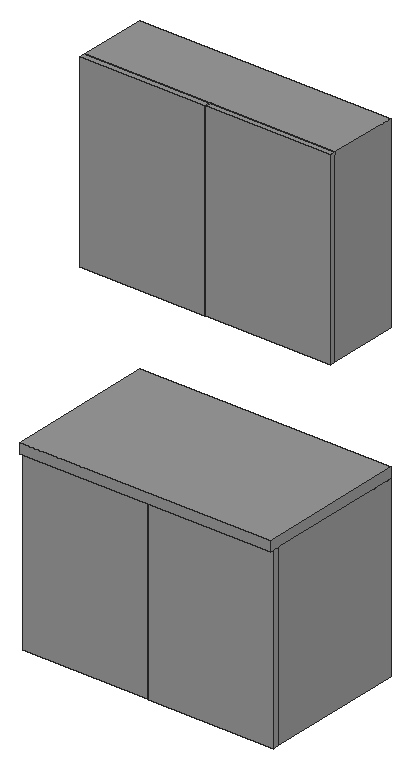
Revit family "АВЛН_Кухонный гарнитур", category Мебель, Revit 2019
Family settings
  Номер OmniClass = 23.40.20.00
  Заголовок OmniClass = General Furniture and Specialties
  На основе рабочей плоскости = Нет
  Всегда вертикально = Да
  При загрузке вырезать с полостями = Нет
  Общий = Нет
  Точка расчета площади = Нет
Parameters (values of type "Кухонный гарнитур")
  Шкаф_высота = 750 mm
  Столешница_высота = 750 mm
  Описание = "Боковая демонстрационная панель 1200х300мм (2\r\nшт.), в комплекте с полками, крючками, магнитными\r\nдержателями и кронштейнами."
  Мойка = yes
  Type Comments = ""
  Keynote = ""
  Изготовитель = "Россия"
  Группа модели = "Оборудование мед.блока"
  ADSK_Размер_Ширина = 600 mm
  ADSK_Размер_Длина = 1000 mm
  ADSK_Размер_Высота = 2000 mm
  ADSK_Обозначение = ""
  ADSK_Масса = 0
  ADSK_Код изделия = ""
  ADSK_Единица измерения = "шт"  # constant formula
Reference planes
  plane 1 "По центру (Вперед/Назад)": y = 0
  plane 2: z = 0
  plane 3 "По центру (Влево/Вправо)": x = 0
  plane 4 "Столешница_Высота": z = 750
  plane 5: y = 300
  plane 6: x = 500
  plane 7: x = -500
  plane 8: y = -300
  plane 9: z = 2000
  plane 10 "Шкаф высота": z = 1250
Forms (mm)
  Extrusion 1, solid, material "Деревянная обшивка, ДСП"
    sketch origin (0, -518.993, 592.976) x (-1, 0, 0) y (0, -1, 0)
      loop
        line (500, -818.993) -> (500, -258.993) -> (-500, -258.993) -> (-500, -818.993) -> (500, -818.993)
      loop
        line (440, -758.993) -> (440, -318.713) -> (-440, -318.713) -> (-440, -758.993) -> (440, -758.993)
    from -592.976 to 117.024
  Extrusion 2, solid, material "Травертин"
    sketch origin (0, -518.993, 592.976) x (-1, 0, 0) y (0, -1, 0)
      loop
        line (500, -818.993) -> (500, -218.993) -> (-500, -218.993) -> (-500, -818.993) -> (500, -818.993)
    from 157.024 to 117.024
  Extrusion 3, solid, material "Деревянная обшивка, ДСП"
    sketch origin (0, -518.993, 592.976) x (-1, 0, 0) y (0, -1, 0)
      loop
        line (500, -818.993) -> (500, -543.767) -> (-500, -543.767) -> (-500, -818.993) -> (500, -818.993)
    from 657.024 to 1407.024
  Extrusion 4, solid, material "Травертин"
    sketch origin (0, -518.993, 592.976) x (-1, 0, 0) y (0, -1, 0)
      loop
        line (500, -518.993) -> (1, -518.993) -> (1, -543.767) -> (500, -543.767) -> (500, -518.993)
      loop
        line (-500, -543.767) -> (-1, -543.767) -> (-1, -518.993) -> (-500, -518.993) -> (-500, -543.767)
    from 657.024 to 1407.024
  Extrusion 5, solid, material "Травертин"
    sketch origin (0, -518.993, 592.976) x (-1, 0, 0) y (0, -1, 0)
      loop
        line (500, -258.993) -> (500, -233.993) -> (1, -233.993) -> (1, -258.993) -> (500, -258.993)
      loop
        line (-500, -258.993) -> (-1, -258.993) -> (-1, -233.993) -> (-500, -233.993) -> (-500, -258.993)
    from -592.976 to 117.024
Dimensions and locks
  plane 2 to plane 4 "Столешница_Высота" = 750 mm
  equal spacing: plane 8, plane 1 "По центру (Вперед/Назад)", plane 5
  equal spacing: plane 7, plane 3 "По центру (Влево/Вправо)", plane 6
  "ADSK_Размер_Длина": plane 7 to plane 6
  "ADSK_Размер_Ширина": plane 5 to plane 8
  "ADSK_Размер_Высота": plane 2 to plane 9
  locked: Extrusion 1 sketch curve to plane 8 at 40
  locked: Extrusion 1 to plane 4 "Столешница_Высота" at 40
  "Столешница_высота": level to plane 4 "Столешница_Высота"
  "Шкаф_высота": plane 10 "Шкаф высота" to plane 9
  locked: plane 1 "По центру (Вперед/Назад)" to Extrusion 3 at 24.774
  locked: plane 3 "По центру (Влево/Вправо)" to Extrusion 4 sketch curve at 1
  locked: Extrusion 4 sketch curve to plane 3 "По центру (Влево/Вправо)" at 1
  locked: Extrusion 5 sketch curve to plane 3 "По центру (Влево/Вправо)" at 1
  locked: plane 3 "По центру (Влево/Вправо)" to Extrusion 5 sketch curve at 1
  locked: Extrusion 5 sketch curve to plane 8 at 15  (x2)
  locked: Extrusion 1 sketch curve to plane 6 at 60
  locked: plane 7 to Extrusion 1 sketch curve at 60
  locked: plane 5 to Extrusion 1 sketch curve at 60
  locked: Extrusion 1 sketch curve to plane 8 at 99.72
  aligned and locked: level to plane 2
  aligned and locked: Extrusion 1 sketch curve to plane 5
  aligned and locked: Extrusion 1 sketch curve to plane 7
  aligned and locked: Extrusion 1 sketch curve to plane 6
  aligned and locked: Extrusion 2 sketch curve to plane 7
  aligned and locked: plane 8 to Extrusion 2 sketch curve
  aligned and locked: Extrusion 2 sketch curve to plane 5
  aligned and locked: Extrusion 2 sketch curve to plane 6
  aligned and locked: Extrusion 1 to level
  aligned and locked: Extrusion 2 to Extrusion 1
  aligned and locked: Extrusion 2 to plane 4 "Столешница_Высота"
  aligned and locked: Extrusion 3 sketch curve to plane 5
  aligned and locked: plane 7 to Extrusion 3 sketch curve
  aligned and locked: Extrusion 3 sketch curve to plane 6
  aligned and locked: plane 9 to Extrusion 3
  aligned and locked: Extrusion 3 to plane 10 "Шкаф высота"
  aligned and locked: Extrusion 3 to plane 7
  aligned and locked: plane 6 to Extrusion 3
  aligned and locked: plane 5 to Extrusion 3
  aligned and locked: plane 1 "По центру (Вперед/Назад)" to Extrusion 4 sketch curve  (x2)
  aligned and locked: Extrusion 2 to Extrusion 4 sketch curve
  aligned and locked: Extrusion 4 sketch curve to Extrusion 3  (x3)
  aligned and locked: Extrusion 4 to Extrusion 3
  aligned and locked: Extrusion 3 to Extrusion 4
  aligned and locked: Extrusion 5 sketch curve to Extrusion 1  (x4)
  aligned and locked: Extrusion 5 to Extrusion 1
  aligned and locked: Extrusion 1 to Extrusion 5
  aligned and locked: nested 1 to plane 6
  aligned and locked: nested 1 to plane 5
Automatic sketch dimensions
  Extrusion 3 sketch curve to plane 1 "По центру (Вперед/Назад)" = 24.774 mm
Nested families
  nested 1: "AVLN_Мойка 600х600" at (533.413, 307.91, 750) x (-1, 0, 0) z (0, 0, 1), built-in parameter 1001364 <- "Столешница_высота", visible <- "Мойка", type "800х600"
Definition of nested family "AVLN_Мойка 600х600"
  Parameters (values of type "800х600")
    800х600 = yes
    600х600 = no
  Types (3, lengths in mm): name | 800х600 | 600х600
    (no name) | yes | no
    600х600 | no | yes
    800х600 | yes | no
  Reference planes
    plane 1 "По центру (Вперед/Назад)": y = 0
    plane 2: z = 0
    plane 3 "По центру (Влево/Вправо)": x = 0
  Lines and regions (mm)
    model lines, visible <- "800х600"
      curve 1: line (533.413, 122.917, 0) -> (791.036, 122.917, 0)
      curve 2: line (533.413, 172.917, 0) -> (791.036, 172.917, 0)
      curve 3: line (533.413, 222.917, 0) -> (791.036, 222.917, 0)
      curve 4: line (533.413, 272.917, 0) -> (791.036, 272.917, 0)
      curve 5: line (533.413, 322.917, 0) -> (791.036, 322.917, 0)
      curve 6: line (533.413, 372.917, 0) -> (791.036, 372.917, 0)
      curve 7: line (533.413, 422.917, 0) -> (791.036, 422.917, 0)
      curve 8: line (533.413, 472.917, 0) -> (791.036, 472.917, 0)
      curve 9: line (533.413, 522.917, 0) -> (791.036, 522.917, 0)
      curve 10: arc (383.413, 522.917, 0) -> (454.123, 493.628, 0) -> (483.413, 422.917, 0) r 100
      curve 11: arc (483.413, 222.917, 0) -> (454.123, 152.206, 0) -> (383.413, 122.917, 0) r 100
      curve 12: arc (183.413, 122.917, 0) -> (112.702, 152.206, 0) -> (83.413, 222.917, 0) r 100
      curve 13: arc (83.413, 422.917, 0) -> (112.702, 493.628, 0) -> (183.413, 522.917, 0) r 100
      curve 14: circle (404.308, 230.082, 0) r 27.222 normal (0, 0, 1)
      curve 15: line (33.413, 7.91, 0) -> (33.413, 607.91, 0)
      curve 16: line (33.413, 37.924, 0) -> (833.413, 37.924, 0)
      curve 17: line (183.413, 522.917, 0) -> (383.413, 522.917, 0)
      curve 18: line (483.413, 422.917, 0) -> (483.413, 222.917, 0)
      curve 19: line (383.413, 122.917, 0) -> (183.413, 122.917, 0)
      curve 20: line (83.413, 222.917, 0) -> (83.413, 422.917, 0)
      curve 21: line (833.413, 7.91, 0) -> (833.413, 607.91, 0)
      curve 22: line (833.413, 607.91, 0) -> (33.413, 607.91, 0)
      curve 23: line (833.413, 7.91, 0) -> (33.413, 7.91, 0)
    model lines, visible <- "600х600"
      curve 24: arc (520, 550.007, 0) -> (555.355, 535.363, 0) -> (570, 500.007, 0) r 50
      curve 25: arc (570, 80.007, 0) -> (555.355, 44.652, 0) -> (520, 30.007, 0) r 50
      curve 26: arc (80, 30.007, 0) -> (44.645, 44.652, 0) -> (30, 80.007, 0) r 50
      curve 27: arc (30, 500.007, 0) -> (44.645, 535.363, 0) -> (80, 550.007, 0) r 50
      curve 28: circle (455.184, 162.883, 0) r 27.222 normal (0, 0, 1)
      curve 29: line (0, 0, 0) -> (0, 600, 0)
      curve 30: line (80, 550.007, 0) -> (520, 550.007, 0)
      curve 31: line (570, 500.007, 0) -> (570, 80.007, 0)
      curve 32: line (520, 30.007, 0) -> (80, 30.007, 0)
      curve 33: line (30, 80.007, 0) -> (30, 500.007, 0)
      curve 34: line (600, 0, 0) -> (600, 600, 0)
      curve 35: line (600, 600, 0) -> (0, 600, 0)
      curve 36: line (600, 0, 0) -> (0, 0, 0)
      curve 37: line (130, 500.007, 0) -> (470, 500.007, 0)
      curve 38: arc (80, 450.007, 0) -> (94.645, 485.363, 0) -> (130, 500.007, 0) r 50
      curve 39: line (80, 160.007, 0) -> (80, 450.007, 0)
      curve 40: arc (130, 110.007, 0) -> (94.645, 124.652, 0) -> (80, 160.007, 0) r 50
      curve 41: line (470, 110.007, 0) -> (295.669, 110.007, 0)
      curve 42: arc (520, 160.007, 0) -> (505.355, 124.652, 0) -> (470, 110.007, 0) r 50
      curve 43: line (520, 450.007, 0) -> (520, 160.007, 0)
      curve 44: arc (470, 500.007, 0) -> (505.355, 485.363, 0) -> (520, 450.007, 0) r 50
      curve 45: line (280.669, 77.24, 0) -> (280.669, 227.24, 0)
      curve 46: line (295.669, 227.24, 0) -> (295.669, 77.24, 0)
      curve 47: arc (280.669, 227.24, 0) -> (288.169, 234.74, 0) -> (295.669, 227.24, 0) r 7.5
      curve 48: arc (280.669, 77.24, 0) -> (288.169, 69.74, 0) -> (295.669, 77.24, 0) r 7.5
      curve 49: line (265.669, 110.007, 0) -> (265.669, 50.007, 0)
      curve 50: line (265.669, 50.007, 0) -> (310.669, 50.007, 0)
      curve 51: line (310.669, 50.007, 0) -> (310.669, 110.007, 0)
      curve 52: line (280.669, 110.007, 0) -> (130, 110.007, 0)
  Dimensions and locks
    aligned and locked: level to plane 2
